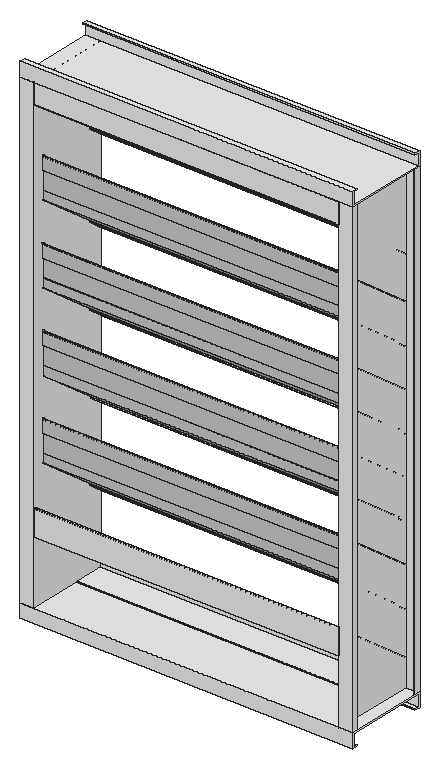
Revit family
Parameters (values of type "EAJ-637")
  Width Control = if(Width < Min Width, Min Width, if(Width > Max Width, Max Width, Width))  # 2' - 0"
  Width = 2' - 0"
  Warranty = "http://www.alllite-louvers.com/All-Lite_Warranty.pdf"
  Velocity @ .15 in. wg Pressure Loss = "890 fpm"  # constant formula
  URL = "http://www.alllite-louvers.com/"
  Specification = "http://www.alllite-louvers.com/catalog/AEAJ-637-csi-specification.doc"
  Screen Frame = "Removable"  # constant formula
  Product URL = "http://www.alllite-louvers.com/catalog.php?model=EAJ-637"
  Pressure Loss @ Beginning Point of Water Penetration = "0.15 in. wg."  # constant formula
  Omni Class Title = "Exterior Louvers & Grilles"  # constant formula
  Omni Class Code = "23-60 11 17"  # constant formula
  Mullion = "Visible"  # constant formula
  Maximum Size - Multiple Section = "Unlimited"  # constant formula
  Free Area Velocity @ Beginning Point of Water Penetration = "890 fpm"  # constant formula
  Free Area = "[48'' x 48'' unit] : 5.2 ft² 32.5%"  # constant formula
  Design Load = "30 psf"  # constant formula
  Screen = "1/2'' x .063'' expanded and flattened aluminum"  # constant formula
  Model = "EAJ-637"  # constant formula
  Minimum Size = "12'' x 12''"  # constant formula
  Min Width = 1' - 0"  # constant formula
  Min Height = 1' - 0"  # constant formula
  Maximum Size - Single Section = "60' x 120''"  # constant formula
  Max Width = 5' - 0"  # constant formula
  Max Height = 10' - 0"  # constant formula
  Manufacturer = "All-Lite"  # constant formula
  Louver Count = (Height Control - 1' 1") / 0' 6"  # 4
  Louver = Mill finish, 6063-T5 Extruded Aluminum
  Height Control = if(Height < Min Height, Min Height, if(Height > Max Height, Max Height, Height))  # 3' - 0"
  Height = 3' - 0"
  Frame = "6'' deep x .081 ga thick channel"  # constant formula
  Default Height = 4' - 0"
  Cut Sheet = "http://www.alllite-louvers.com/catalog/AEAJ637.pdf"
  Blades = "37° x .081'' thick J-style with 26 ga. thick perforted backing packed with noncombustible insulating material"  # constant formula
  Blade Width = Width Control - 0' 2"  # 1' - 10"
  Assembly Code = "B2010300"
  Air Volume Delivered @ Beginning Point of Water Penetration = "4637 cfm"  # constant formula
  95 CSI = "10200"  # constant formula
  04 CSI = "08 91 00"  # constant formula
Reference planes (in)
  plane 1: y = 0
  plane 2 "Center (Left/Right)": x = 0
  plane 3 "Wall Edge": y = 6
  plane 4: z = 48
  plane 5: x = 12
  plane 6: x = -12
  plane 7: z = 84
  plane 8 "blade": y = 4
  plane 9: z = 82.75
  plane 10: z = 80
  plane 11: z = 70.9961
  plane 12: z = 54
Forms (in)
  Sweep 1, solid, material "Mill finish, 6063-T5 Extruded Aluminum" <- "Louver"
    path origin (0, 6, 96) x (1, 0, 0) y (0, 0, -1)
      loop
        line (12, 48) -> (-12, 48)
    profile "Frame Profile : 6"" origin (0, 6, 48) x (0, 0, -1) y (0, -1, 0)
      loop
        line (-1, 6) -> (-1, 0) -> (0, 0) -> (0, 0.375) -> (-0.08203, 0.375) -> (-0.08203, 0.08203) -> (-0.91797, 0.08203) -> (-0.91797, 5.91797) -> (-0.08203, 5.91797) -> (-0.08203, 5.625) -> (0, 5.625) -> (0, 6) -> (-1, 6)
  Sweep 2, solid, material "Mill finish, 6063-T5 Extruded Aluminum" <- "Louver"
    path origin (0, 6, 0) x (1, 0, 0) y (0, 0, 1)
      loop
        line (-12, 84) -> (12, 84)
    profile "Frame Profile : 6"" origin (0, 6, 84) x (0, 0, 1) y (0, -1, 0)
      loop
        line (-1, 6) -> (-1, 0) -> (0, 0) -> (0, 0.375) -> (-0.08203, 0.375) -> (-0.08203, 0.08203) -> (-0.91797, 0.08203) -> (-0.91797, 5.91797) -> (-0.08203, 5.91797) -> (-0.08203, 5.625) -> (0, 5.625) -> (0, 6) -> (-1, 6)
  Sweep 3, solid, material "Mill finish, 6063-T5 Extruded Aluminum" <- "Louver"
    path origin (0, 6, 0) x (1, 0, 0) y (0, 0, 1)
      loop
        line (12, 83) -> (12, 49)
    profile "Frame Profile : 6"" origin (12, 6, 66) x (1, 0, 0) y (0, -1, 0)
      loop
        line (-1, 6) -> (-1, 0) -> (0, 0) -> (0, 0.375) -> (-0.08203, 0.375) -> (-0.08203, 0.08203) -> (-0.91797, 0.08203) -> (-0.91797, 5.91797) -> (-0.08203, 5.91797) -> (-0.08203, 5.625) -> (0, 5.625) -> (0, 6) -> (-1, 6)
  Sweep 4, solid, material "Mill finish, 6063-T5 Extruded Aluminum" <- "Louver"
    path origin (0, 6, 0) x (-1, 0, 0) y (0, 0, 1)
      loop
        line (12, 83) -> (12, 49)
    profile "Frame Profile : 6"" origin (-12, 6, 66) x (1, 0, 0) y (0, -1, 0)
      loop
        line (1, 6) -> (0, 6) -> (0, 5.625) -> (0.08203, 5.625) -> (0.08203, 5.91797) -> (0.91797, 5.91797) -> (0.91797, 0.08203) -> (0.08203, 0.08203) -> (0.08203, 0.375) -> (0, 0.375) -> (0, 0) -> (1, 0) -> (1, 6)
  Sweep 5, solid, material "Mill finish, 6063-T5 Extruded Aluminum" <- "Louver"
    path origin (0, 6, 0) x (1, 0, 0) y (0, 0, 1)
      loop
        line (11, 49) -> (-11, 49)
    profile origin (0, 6, 49) x (0, 0, -1) y (0, -1, 0)
      loop
        line (0, 0) -> (0, 2.22539) -> (-0.08203, 2.22539) -> (-0.08203, 0.08203) -> (-1.9591, 0.08203) -> (-6.3568, 5.91797) -> (-4.6058, 5.91797) -> (-4.6058, 6) -> (-6.52132, 6) -> (-2, 0) -> (0, 0)
  Sweep 6, solid, material "Mill finish, 6063-T5 Extruded Aluminum" <- "Louver"
    path origin (0, 6, 118.72255) x (1, 0, 0) y (0, 0, -1)
      loop
        line (11, 35.72255) -> (-11, 35.72255)
    profile origin (0, 6, 83) x (0, 0, -1) y (0, -1, 0)
      loop
        line (0, 0) -> (6, 0) -> (5.24773, 0.99829) -> (5.18916, 0.93972) -> (5.83547, 0.08203) -> (0.08203, 0.08203) -> (0.08203, 5.91797) -> (1.54049, 5.91797) -> (1.47868, 6) -> (0, 6) -> (0, 0)
Lines and regions (in)
  Opening 1
    outline origin (-60, -6, 0) x (1, 0, 0) y (0, 0, 1)
      loop
        line (72, 84) -> (48, 84) -> (48, 48) -> (72, 48) -> (72, 84)
Text (in)
  text "Placement Side" at (0, 40.15149, 123.01588), in view "Right"
  text "Placement Side" at (-70.3804, 28.46503, 0), in view "Ref. Level"
  text "Placement Side" at (0, 81.62555, 140.59947), in view "Left"
Dimensions and locks (in)
  locked: plane 3 "Wall Edge" to host wall
  "Default Height": level to plane 4
  "Height Control": plane 4 to plane 7
  equal spacing: plane 6, plane 2 "Center (Left/Right)", plane 5
  "Width Control": plane 6 to plane 5
  locked: plane 9 to plane 7 at 1.25
  plane 7 to plane 4 = 3' - 0"
  locked: plane 10 to plane 7 at 4
  locked: plane 7 to plane 11 at 13.0039
  locked: plane 12 to plane 4 at 6
  equal spacing: group 1, group 3, group 4, group 2  (x2)
  equal spacing: group 2, group 4, group 3, group 1
  aligned and locked: plane 7 to Opening 1 sketch curve
  aligned and locked: Opening 1 sketch curve to plane 5
  aligned and locked: Opening 1 sketch curve to plane 4
  aligned and locked: plane 6 to Opening 1 sketch curve
  aligned and locked: Sweep 1 sketch curve to plane 4
  aligned and locked: plane 5 to Sweep 1 sketch curve
  aligned and locked: plane 6 to Sweep 1 sketch curve
  aligned and locked: plane 7 to Sweep 2 sketch curve
  aligned and locked: plane 5 to Sweep 2 sketch curve
  aligned and locked: plane 6 to Sweep 2 sketch curve
  aligned and locked: Sweep 3 sketch curve to plane 5
  aligned and locked: Sweep 5 sketch curve to Sweep 3
  aligned and locked: Sweep 4 to Sweep 5 sketch curve
  aligned and locked: Sweep 5 sketch curve to Sweep 1
  aligned and locked: Sweep 2 to Sweep 6 sketch curve
  aligned and locked: Sweep 3 to Sweep 6 sketch curve
  aligned and locked: Sweep 6 sketch curve to Sweep 4
  aligned and locked: nested 1 to plane 11
  aligned and locked: nested 1 to plane 2 "Center (Left/Right)"
Automatic sketch dimensions
  plane 9 to Sweep 3 sketch curve = 0' - 0 1/4"
  plane 6 to Sweep 4 sketch curve = 0' - 0"
  Sweep 4 sketch curve to plane 9 = 0' - 0 1/4"
  plane 4 to Sweep 3 sketch curve = 0' - 1"
  Sweep 4 sketch curve to plane 4 = 0' - 1"
  Sweep 6 sketch curve to profile plane = 0' - 0"
  Sweep 6 sketch curve to plane 3 "Wall Edge" = 0' - 0"
  Sweep 6 sketch curve to profile plane = 0' - 0 21/256"
  Sweep 6 sketch curve to Sweep 6 sketch curve = 0' - 1.45846"
  Sweep 6 sketch curve to Sweep 6 sketch curve = 0' - 5.75344"
  plane 3 "Wall Edge" to Sweep 6 sketch curve = 0' - 0.93972"
  plane 3 "Wall Edge" to Sweep 6 sketch curve = 0' - 0.99829"
  Sweep 6 sketch curve to Sweep 6 sketch curve = 0' - 0 15/256"
  plane 3 "Wall Edge" to Sweep 6 sketch curve = 0' - 0 21/256"
  Sweep 6 sketch curve to Sweep 6 sketch curve = 0' - 0.64631"
  Sweep 6 sketch curve to Sweep 6 sketch curve = 0' - 0.16453"
  Sweep 6 sketch curve to Sweep 6 sketch curve = 0' - 5 107/128"
  Sweep 6 sketch curve to Sweep 6 sketch curve = 0' - 0 21/256"
  Sweep 6 sketch curve to Sweep 6 sketch curve = 0' - 0.06181"
  Sweep 5 sketch curve to plane 3 "Wall Edge" = 0' - 0"
  Sweep 5 sketch curve to profile plane = 0' - 0"
  Sweep 5 sketch curve to Sweep 5 sketch curve = 0' - 0 21/256"  (x2)
  plane 3 "Wall Edge" to Sweep 5 sketch curve = 0' - 0 21/256"
  Sweep 5 sketch curve to Sweep 5 sketch curve = 0' - 1.87707"
  Sweep 5 sketch curve to Sweep 5 sketch curve = 0' - 0.0409"
  profile plane to Sweep 5 sketch curve = 0' - 4.6058"
  Sweep 5 sketch curve to Sweep 5 sketch curve = 0' - 1.751"
  Sweep 5 sketch curve to Sweep 5 sketch curve = 0' - 0.16453"
  Sweep 5 sketch curve to Sweep 5 sketch curve = 0' - 2.14336"
  plane 3 "Wall Edge" to Sweep 5 sketch curve = 0' - 5 235/256"
Nested families (in)
  nested 1: "637j" at (0, 4.06803, 73.41501), type "637j"
  nested 2: "637j" at (0, 4.06803, 56.41891), type "637j"
  nested 3: "637j" at (0, 4.06803, 67.74965), type "637j"
  nested 4: "637j" at (0, 4.06803, 62.08428), type "637j"
Definition of nested family "637j"
  Parameters (values of type "637j")
    W = 1' - 10"
    Louver = Galvannealed Steel
    Blade = Galvannealed Steel
    Assembly Code = ""
  Reference planes (in)
    plane 1 "Center (Front/Back)": y = 0
    plane 2: z = 0
    plane 3 "Center (Left/Right)": x = 0
    plane 4: x = -11
    plane 5: x = 11
    plane 6: z = 1.62015
    plane 7: z = 0
    plane 8: z = -2.41891
    plane 9: z = 3.58109
    plane 10: z = -0.41891
  Forms (in)
    Sweep 1, solid, material "Galvannealed Steel" <- "Blade"
      path origin (0, -2.7432, -2.41891) x (1, 0, 0) y (0, 1, 0)
        loop
          line (-11, 0.81123) -> (11, 0.81123)
      profile origin (0, -1.93197, -2.41891) x (0, 1, 0) y (0, 0, 1)
        loop
          arc (0, 0.04305) -> (0.01189, 0.02384) -> (0.03438, 0.02591) r 0.02147
          line (0.03438, 0.02591) -> (0.96306, 0.72572) -> (0.91369, 0.79123) -> (0.08203, 0.16453) -> (0.08203, 2.9591) -> (5.24853, 6.85234) -> (5.24853, 6.30964) -> (5.15403, 6.30964) -> (5.15403, 4.7188) -> (5.23606, 4.7188) -> (5.23606, 6.02738) -> (5.33056, 6.02738) -> (5.33056, 6.98323)
          arc (5.33056, 6.98323) -> (5.32127, 6.99824) -> (5.3037, 6.99662) r 0.01677
          line (5.3037, 6.99662) -> (0.0158, 3.01191)
          arc (0.0158, 3.01191) -> (0.00417, 2.99792) -> (0, 2.98021) r 0.03969
          line (0, 2.98021) -> (0, 0.04305)
        loop
          line (0.57403, 0.56007) -> (1.03385, 0.92188) -> (1.05312, 0.8963) -> (5.18722, 4.01156) -> (5.18722, 4.67926) -> (5.15403, 4.67926) -> (5.15403, 4.02952) -> (1.20645, 1.05481) -> (1.17587, 1.09539) -> (0.53472, 0.61225) -> (0.57403, 0.56007)
  Dimensions and locks (in)
    plane 5 to plane 4 = 1' - 10"
    equal spacing: plane 4, plane 3 "Center (Left/Right)", plane 5
    "W": plane 4 to plane 5
    aligned and locked: plane 2 to level
    aligned and locked: plane 4 to Sweep 1 sketch curve
    aligned and locked: plane 5 to Sweep 1 sketch curve
  Automatic sketch dimensions
    plane 1 "Center (Front/Back)" to Sweep 1 sketch curve = 0' - 1.93197"
    Sweep 1 sketch curve to profile plane = 0' - 0"
    Sweep 1 sketch curve to profile plane = 0' - 0.0158"
    Sweep 1 sketch curve to Sweep 1 sketch curve = 0' - 0.02147"
    profile plane to Sweep 1 sketch curve = 0' - 0.02591"
    Sweep 1 sketch curve to Sweep 1 sketch curve = 0' - 0.01292"
    Sweep 1 sketch curve to Sweep 1 sketch curve = 0' - 0.02388"
    Sweep 1 sketch curve to Sweep 1 sketch curve = 0' - 0.04234"
    Sweep 1 sketch curve to profile plane = 0' - 0.53472"
    Sweep 1 sketch curve to Sweep 1 sketch curve = 0' - 0.03932"
    Sweep 1 sketch curve to Sweep 1 sketch curve = 0' - 0.33966"
    profile plane to Sweep 1 sketch curve = 0' - 0.72572"
    Sweep 1 sketch curve to Sweep 1 sketch curve = 0' - 0.04937"
    Sweep 1 sketch curve to Sweep 1 sketch curve = 0' - 0.12015"
    Sweep 1 sketch curve to Sweep 1 sketch curve = 0' - 0.01928"
    Sweep 1 sketch curve to Sweep 1 sketch curve = 0' - 0.14202"
    Sweep 1 sketch curve to Sweep 1 sketch curve = 0' - 0.03058"
    Sweep 1 sketch curve to Sweep 1 sketch curve = 0' - 3.94758"
    plane 6 to Sweep 1 sketch curve = 0' - 0.0275"
    Sweep 1 sketch curve to Sweep 1 sketch curve = 0' - 0"
    Sweep 1 sketch curve to Sweep 1 sketch curve = 0' - 0.03319"
    Sweep 1 sketch curve to Sweep 1 sketch curve = 0' - 0 21/256"
    Sweep 1 sketch curve to Sweep 1 sketch curve = 0' - 0.0945"
    Sweep 1 sketch curve to Sweep 1 sketch curve = 0' - 0.05517"
    Sweep 1 sketch curve to Sweep 1 sketch curve = 0' - 0.01009"
    Sweep 1 sketch curve to Sweep 1 sketch curve = 0' - 0.01677"
    Sweep 1 sketch curve to Sweep 1 sketch curve = 0' - 0.23116"
    Sweep 1 sketch curve to Sweep 1 sketch curve = 0' - 0.10507"
    Sweep 1 sketch curve to Sweep 1 sketch curve = 0' - 1.86371"
    Sweep 1 sketch curve to Sweep 1 sketch curve = 0' - 0.02111"
    plane 6 to Sweep 1 sketch curve = 0' - 0.00954"
    Sweep 1 sketch curve to plane 6 = 0' - 0.64019"
    Sweep 1 sketch curve to Sweep 1 sketch curve = 0' - 0.03954"
    Sweep 1 sketch curve to Sweep 1 sketch curve = 0' - 1 79/256"
    Sweep 1 sketch curve to Sweep 1 sketch curve = 0' - 0.28226"
    Sweep 1 sketch curve to Sweep 1 sketch curve = 0' - 0.5427"
    Sweep 1 sketch curve to Sweep 1 sketch curve = 0' - 0.1309"
